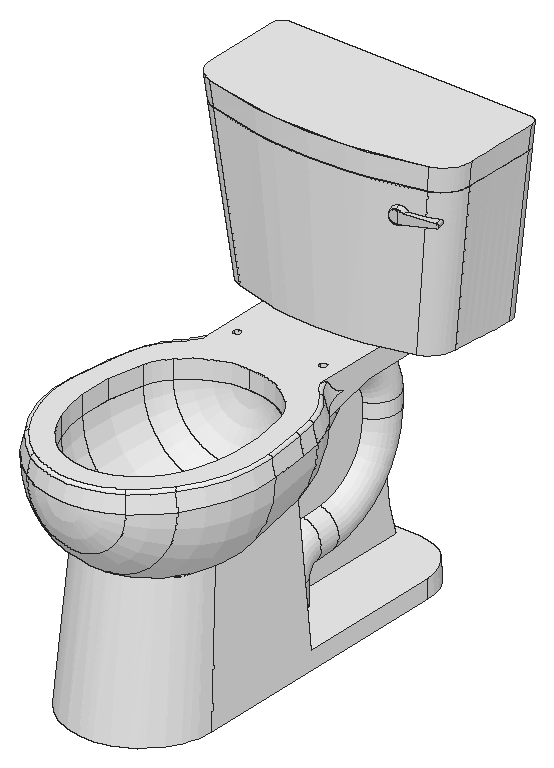
Revit family "Plumbing-Pressure-Assist-Water-Closet-Sloan-Valve-WETS-80298113_", category Plumbing Fixtures, host Face, Revit 2019 (continued)
Automatic sketch dimensions
  Masking region 2 sketch curve to Masking region 2 sketch curve = 3/4"
  Masking region 2 sketch curve to Masking region 2 sketch curve = 1.02866"
  Masking region 2 sketch curve to Masking region 2 sketch curve = 2"  (x2)
  Masking region 2 sketch curve to Masking region 2 sketch curve = 2 1/4"  (x2)
  Masking region 2 sketch curve to Masking region 2 sketch curve = 2.79716"
  Masking region 2 sketch curve to Masking region 2 sketch curve = 0.52667"  (x2)
  Masking region 2 sketch curve to Masking region 2 sketch curve = 1.24583"
  Masking region 2 sketch curve to Masking region 2 sketch curve = 1.55117"  (x2)
  Masking region 2 sketch curve to Masking region 2 sketch curve = 1.66402"
  Masking region 2 sketch curve to Masking region 2 sketch curve = 0.70915"  (x2)
  Masking region 2 sketch curve to Masking region 2 sketch curve = 2.22418"  (x2)
  Masking region 2 sketch curve to Masking region 2 sketch curve = 0.38996"  (x2)
  Masking region 2 sketch curve to Masking region 2 sketch curve = 3.913"
  Masking region 2 sketch curve to Masking region 2 sketch curve = 4.50109"  (x2)
  Masking region 2 sketch curve to Masking region 2 sketch curve = 2.37129"  (x2)
  Masking region 2 sketch curve to Masking region 2 sketch curve = 2.31605"  (x2)
  Masking region 2 sketch curve to Masking region 2 sketch curve = 2.56575"  (x2)
  Masking region 2 sketch curve to Masking region 2 sketch curve = 5 33/128"
  Masking region 2 sketch curve to Masking region 2 sketch curve = 5.26793"
  Masking region 2 sketch curve to Masking region 2 sketch curve = 0.29604"  (x2)
  Masking region 2 sketch curve to Masking region 2 sketch curve = 17.12237"
  Masking region 2 sketch curve to Masking region 2 sketch curve = 8 3/8"
  Masking region 2 sketch curve to Masking region 2 sketch curve = 9 3/4"
  Masking region 2 sketch curve to Masking region 2 sketch curve = 3.22134"
  Masking region 2 sketch curve to Masking region 2 sketch curve = 1 1/4"
  Masking region 2 sketch curve to Masking region 2 sketch curve = 18.90159"
  Masking region 2 sketch curve to Masking region 2 sketch curve = 19.0791"
  Extrusion 19 sketch curve to Extrusion 19 sketch curve = 2.41998"
  Extrusion 19 sketch curve to Extrusion 19 sketch curve = 0.01099"
  Extrusion 19 sketch curve to Extrusion 19 sketch curve = 0.0192"
  Extrusion 19 sketch curve to Extrusion 19 sketch curve = 0.29949"
  Extrusion 19 sketch curve to Extrusion 19 sketch curve = 0.15636"
  Extrusion 19 sketch curve to Extrusion 19 sketch curve = 0.78299"
  Revolve 20 sketch curve to Revolve 20 sketch curve = 0.48262"
  Revolve 20 sketch curve to Revolve 20 sketch curve = 1/2"
  Revolve 20 sketch curve to Revolve 20 sketch curve = 0.15681"
  Revolve 20 sketch curve to Revolve 20 sketch curve = 0.02676"
  Revolve 20 sketch curve to Revolve 20 sketch curve = 0.66246"
  Revolve 20 sketch curve to Revolve 20 sketch curve = 0"  (x2)
  Revolve 20 sketch curve to Revolve 20 sketch curve = 0.11261"
  plane 7 to Sweep 3 sketch curve = 16.44118"
  plane 7 to Sweep 3 sketch curve = 11 1/4"
  Sweep 3 sketch curve to Sweep 3 sketch curve = 1.57944"
  Sweep 3 sketch curve to Sweep 3 sketch curve = 1.22254"
  Sweep 3 sketch curve to Sweep 3 sketch curve = 1.50376"
  Sweep 3 sketch curve to Sweep 3 sketch curve = 2.37343"
  Sweep 3 sketch curve to Sweep 3 sketch curve = 3"
  Sweep 3 sketch curve to Sweep 3 sketch curve = 0.23912"
  Sweep 3 sketch curve to Sweep 3 sketch curve = 2.19457"
  Sweep 3 sketch curve to Sweep 3 sketch curve = 1.02691"
  Sweep 3 sketch curve to Sweep 3 sketch curve = 6.01869"
  Sweep 3 sketch curve to Sweep 3 sketch curve = 5.81653"
  Sweep 3 sketch curve to Sweep 3 sketch curve = 0.44425"
  Sweep 3 sketch curve to Sweep 3 sketch curve = 0"
  Sweep 3 sketch curve to Sweep 3 sketch curve = 1.66667"
  Sweep 3 sketch curve to Sweep 3 sketch curve = 0.07881"
  Sweep 3 sketch curve to Sweep 3 sketch curve = 2.69248"
  Extrusion 21 sketch curve to plane 7 = 0"
  plane 7 to Extrusion 21 sketch curve = 8.60354"
  Extrusion 21 sketch curve to Extrusion 21 sketch curve = 1.97878"
  plane 11 to Blend 22 sketch curve = 23 1/2"
  Blend 22 sketch curve to Blend 22 sketch curve = 3 1/2"  (x2)
  Blend 22 sketch curve to Blend 22 sketch curve = 4 7/8"
  Blend 22 sketch curve to Blend 22 sketch curve = 2 3/4"
  plane 11 to Blend 22 sketch curve = 4 67/128"
  plane 11 to Blend 22 sketch curve = 22.25397"
  plane 11 to Blend 22 sketch curve = 1 3/128"
  Blend 22 sketch curve to Blend 22 sketch curve = 4 5/16"
  Blend 22 sketch curve to Blend 22 sketch curve = 1 5/8"
  plane 11 to Extrusion 23 sketch curve = 13.77953"
  Extrusion 23 sketch curve to Extrusion 23 sketch curve = 5.00662"
  Extrusion 23 sketch curve to Extrusion 23 sketch curve = 1.37144"
  Extrusion 23 sketch curve to Extrusion 23 sketch curve = 0.83072"
  plane 11 to Extrusion 23 sketch curve = 2.01421"
  plane 11 to Extrusion 23 sketch curve = 1.80632"
  Extrusion 23 sketch curve to Extrusion 23 sketch curve = 1.24829"
  Extrusion 23 sketch curve to Extrusion 23 sketch curve = 2.7937"
  Sweep 24 sketch curve to profile plane = 0"  (x2)
  plane 11 to Extrusion 25 sketch curve = 25.07129"
  Extrusion 25 sketch curve to Extrusion 25 sketch curve = 6.25633"
  Extrusion 25 sketch curve to Extrusion 25 sketch curve = 0.63587"
  Extrusion 25 sketch curve to Extrusion 25 sketch curve = 7.2727"
  Extrusion 25 sketch curve to Extrusion 25 sketch curve = 1.99428"
  Extrusion 25 sketch curve to Extrusion 25 sketch curve = 1.03117"
  plane 11 to Extrusion 25 sketch curve = 1.54092"
  plane 11 to Extrusion 25 sketch curve = 1.93503"
  Extrusion 25 sketch curve to plane 11 = 12.09356"
  Extrusion 25 sketch curve to Extrusion 25 sketch curve = 5.1955"
  Extrusion 25 sketch curve to Extrusion 25 sketch curve = 7.268"
  Extrusion 25 sketch curve to Extrusion 25 sketch curve = 4 19/256"
  Extrusion 25 sketch curve to Extrusion 25 sketch curve = 4.71404"
  Extrusion 25 sketch curve to Extrusion 25 sketch curve = 3.46658"
  Extrusion 25 sketch curve to Extrusion 25 sketch curve = 0.2571"
  Extrusion 25 sketch curve to Extrusion 25 sketch curve = 0"
  plane 8 to Blend 26 sketch curve = 0.21467"
  plane 8 to Blend 26 sketch curve = 0.58558"
  plane 11 to Blend 26 sketch curve = 5/16"
  plane 8 to Blend 26 sketch curve = 0.96182"
  Blend 26 sketch curve to Blend 26 sketch curve = 1.99239"
  plane 8 to Blend 26 sketch curve = 7 15/16"
  plane 9 to Blend 26 sketch curve = 2.57797"
  plane 9 to Blend 26 sketch curve = 0.96182"
  plane 9 to Blend 26 sketch curve = 0.58558"
  plane 9 to Blend 26 sketch curve = 0.21467"
  Blend 26 sketch curve to Blend 26 sketch curve = 3/4"  (x3)
  Blend 26 sketch curve to Blend 26 sketch curve = 4.13053"  (x2)
  Blend 26 sketch curve to Blend 26 sketch curve = 0.17431"  (x2)
  Blend 26 sketch curve to plane 11 = 9.28691"
  Blend 26 sketch curve to Blend 26 sketch curve = 0"  (x2)
  plane 11 to Blend 26 sketch curve = 0"
  plane 11 to Blend 26 sketch curve = 6 1/128"  (x2)
  Blend 26 sketch curve to Blend 26 sketch curve = 2"
  Blend 26 sketch curve to Blend 26 sketch curve = 8 3/8"
  Blend 26 sketch curve to Blend 26 sketch curve = 14 1/4"
  plane 11 to Blend 26 sketch curve = 3/4"
  Blend 26 sketch curve to Blend 26 sketch curve = 1 1/4"
  Blend 26 sketch curve to plane 11 = 19.0791"
  plane 11 to Revolve 27 sketch curve = 18.41431"
  Revolve 27 sketch curve to Revolve 27 sketch curve = 0.38226"
  Revolve 27 sketch curve to Revolve 27 sketch curve = 213/256"
  Revolve 27 sketch curve to Revolve 27 sketch curve = 0"  (x10)
  Revolve 27 sketch curve to Revolve 27 sketch curve = 1.55117"
  Revolve 27 sketch curve to Revolve 27 sketch curve = 0.52667"
  Revolve 27 sketch curve to Revolve 27 sketch curve = 1.06316"
  Revolve 27 sketch curve to Revolve 27 sketch curve = 0.55817"
  Revolve 27 sketch curve to Revolve 27 sketch curve = 4.78572"
  Revolve 27 sketch curve to Revolve 27 sketch curve = 17.76248"
  Revolve 27 sketch curve to Revolve 27 sketch curve = 1.12242"
  Revolve 27 sketch curve to Revolve 27 sketch curve = 1.54616"
  Revolve 27 sketch curve to Revolve 27 sketch curve = 1.91616"
  Revolve 27 sketch curve to Revolve 27 sketch curve = 0.22012"
  Revolve 27 sketch curve to Revolve 27 sketch curve = 0.002"
  Revolve 27 sketch curve to Revolve 27 sketch curve = 0.38996"
  Revolve 27 sketch curve to Revolve 27 sketch curve = 2.4971"
  Revolve 27 sketch curve to Revolve 27 sketch curve = 1.76271"
  Revolve 27 sketch curve to Revolve 27 sketch curve = 0.46147"
  Revolve 27 sketch curve to Revolve 27 sketch curve = 1.76813"
  Revolve 27 sketch curve to Revolve 27 sketch curve = 2.37097"
  Revolve 27 sketch curve to Revolve 27 sketch curve = 1.94676"
  Revolve 27 sketch curve to Revolve 27 sketch curve = 0.65231"
  Revolve 27 sketch curve to Revolve 27 sketch curve = 3.62883"
  Revolve 27 sketch curve to Revolve 27 sketch curve = 2.41279"
  Revolve 27 sketch curve to Revolve 27 sketch curve = 0.18389"
  Revolve 27 sketch curve to Revolve 27 sketch curve = 1/2"
  Extrusion 28 sketch curve to Extrusion 28 sketch curve = 0.67182"
  Extrusion 28 sketch curve to Extrusion 28 sketch curve = 1.77234"
  Extrusion 28 sketch curve to Extrusion 28 sketch curve = 1.545"  (x2)
  Extrusion 28 sketch curve to Extrusion 28 sketch curve = 93/128"
  Extrusion 28 sketch curve to Extrusion 28 sketch curve = 0.40828"
  Extrusion 28 sketch curve to Extrusion 28 sketch curve = 2.54228"
  Extrusion 28 sketch curve to Extrusion 28 sketch curve = 2.74948"
  Blend 29 sketch curve to Blend 29 sketch curve = 0.99706"
  Blend 29 sketch curve to Blend 29 sketch curve = 0.24541"
  Blend 29 sketch curve to Blend 29 sketch curve = 1 13/16"
  Blend 29 sketch curve to Blend 29 sketch curve = 0.37271"
  Blend 30 sketch curve to Blend 30 sketch curve = 1 13/16"  (x2)
  Blend 30 sketch curve to Blend 30 sketch curve = 0.37271"
  Blend 30 sketch curve to Blend 30 sketch curve = 1.15396"
  plane 11 to Sweep 31 sketch curve = 26.57715"
  Sweep 31 sketch curve to Sweep 31 sketch curve = 9.12902"
  Sweep 31 sketch curve to Sweep 31 sketch curve = 0.84594"
  Sweep 31 sketch curve to Sweep 31 sketch curve = 3.46596"
  Sweep 31 sketch curve to Sweep 31 sketch curve = 1.9345"
  Sweep 31 sketch curve to Sweep 31 sketch curve = 0.18533"
  Sweep 31 sketch curve to Sweep 31 sketch curve = 1.3913"
  Sweep 31 sketch curve to Sweep 31 sketch curve = 1.1687"
  Sweep 31 sketch curve to Sweep 31 sketch curve = 3.42714"
  Sweep 31 sketch curve to Sweep 31 sketch curve = 1.86098"
  Sweep 31 sketch curve to Sweep 31 sketch curve = 1.34254"
  Sweep 31 sketch curve to Sweep 31 sketch curve = 1.96082"
  Sweep 31 sketch curve to Sweep 31 sketch curve = 0"  (x3)
  Sweep 31 sketch curve to Sweep 31 sketch curve = 2.59819"
  Sweep 31 sketch curve to profile plane = 0"
  Sweep 31 sketch curve to profile plane = 0.99706"  (x2)
  Sweep 32 sketch curve to Sweep 32 sketch curve = 0"  (x12)
  Sweep 32 sketch curve to plane 10 = 0"  (x4)
  plane 10 to Sweep 32 sketch curve = 5.70094"  (x2)
  plane 11 to Sweep 32 sketch curve = 10.88962"
  Sweep 32 sketch curve to Sweep 32 sketch curve = 18.15103"  (x2)
  Sweep 32 sketch curve to Sweep 32 sketch curve = 4"  (x2)
  Sweep 32 sketch curve to Sweep 32 sketch curve = 2.01849"
  Sweep 32 sketch curve to Sweep 32 sketch curve = 0.52667"  (x2)
  Sweep 32 sketch curve to Sweep 32 sketch curve = 1.24583"
  Sweep 32 sketch curve to Sweep 32 sketch curve = 1.55117"  (x2)
  Sweep 32 sketch curve to Sweep 32 sketch curve = 1.66402"
  Sweep 32 sketch curve to Sweep 32 sketch curve = 3.26432"
  plane 10 to Sweep 32 sketch curve = 4.99179"
  Sweep 32 sketch curve to Sweep 32 sketch curve = 2.22418"
  Sweep 32 sketch curve to Sweep 32 sketch curve = 0.38996"  (x2)
  Sweep 32 sketch curve to Sweep 32 sketch curve = 3.913"
  Sweep 32 sketch curve to Sweep 32 sketch curve = 6.87238"
  Sweep 32 sketch curve to Sweep 32 sketch curve = 5.26793"
  Sweep 32 sketch curve to Sweep 32 sketch curve = 0.29604"  (x2)
  Sweep 32 sketch curve to Sweep 32 sketch curve = 4.31887"  (x2)
  Sweep 32 sketch curve to profile plane = 0"
  Sweep 32 sketch curve to profile plane = 0.25828"
  Sweep 32 sketch curve to Sweep 32 sketch curve = 0.24359"
  Sweep 32 sketch curve to profile plane = 0.71616"
  profile plane to Sweep 32 sketch curve = 14 3/16"
  Sweep 32 sketch curve to Sweep 32 sketch curve = 1 1/16"
  Sweep 32 sketch curve to Sweep 32 sketch curve = 0.05624"
  Extrusion 33 sketch curve to Extrusion 33 sketch curve = 0"  (x20)
  plane 11 to Extrusion 33 sketch curve = 21.08289"
  Extrusion 33 sketch curve to Extrusion 33 sketch curve = 4.78572"  (x2)
  Extrusion 33 sketch curve to Extrusion 33 sketch curve = 0.55817"  (x2)
  Extrusion 33 sketch curve to Extrusion 33 sketch curve = 1.92673"  (x2)
  Extrusion 33 sketch curve to Extrusion 33 sketch curve = 3.141"
  Extrusion 33 sketch curve to Extrusion 33 sketch curve = 1.21427"  (x2)
  Extrusion 33 sketch curve to Extrusion 33 sketch curve = 0.37"  (x2)
  Extrusion 33 sketch curve to Extrusion 33 sketch curve = 0.22012"  (x2)
  Extrusion 33 sketch curve to Extrusion 33 sketch curve = 2.15467"
  Extrusion 33 sketch curve to Extrusion 33 sketch curve = 2.13627"
  Extrusion 33 sketch curve to Extrusion 33 sketch curve = 1.12242"  (x2)
  Extrusion 33 sketch curve to Extrusion 33 sketch curve = 1.58443"
  Extrusion 33 sketch curve to Extrusion 33 sketch curve = 1.57431"  (x2)
  Extrusion 34 sketch curve to Extrusion 34 sketch curve = 0"  (x15)
  plane 11 to Extrusion 34 sketch curve = 23.57999"  (x2)
  plane 11 to Extrusion 34 sketch curve = 10.88962"
  Extrusion 34 sketch curve to Extrusion 34 sketch curve = 18.15103"  (x2)
  Extrusion 34 sketch curve to Extrusion 34 sketch curve = 4"  (x2)
  Extrusion 34 sketch curve to Extrusion 34 sketch curve = 2.01849"
  Extrusion 34 sketch curve to Extrusion 34 sketch curve = 0.52667"  (x2)
  Extrusion 34 sketch curve to Extrusion 34 sketch curve = 1.24583"
  Extrusion 34 sketch curve to Extrusion 34 sketch curve = 1.55117"  (x2)
  Extrusion 34 sketch curve to Extrusion 34 sketch curve = 1.66402"
  Extrusion 34 sketch curve to Extrusion 34 sketch curve = 3.26432"
  Extrusion 34 sketch curve to Extrusion 34 sketch curve = 13.39952"
  Extrusion 34 sketch curve to Extrusion 34 sketch curve = 2.22418"  (x2)
  Extrusion 34 sketch curve to Extrusion 34 sketch curve = 0.38996"  (x2)
  Extrusion 34 sketch curve to Extrusion 34 sketch curve = 3.913"
  Extrusion 34 sketch curve to Extrusion 34 sketch curve = 3.98247"
  Extrusion 34 sketch curve to Extrusion 34 sketch curve = 0.39147"  (x2)
  Extrusion 34 sketch curve to Extrusion 34 sketch curve = 2.49844"
  Extrusion 34 sketch curve to Extrusion 34 sketch curve = 4.55398"
  Extrusion 34 sketch curve to Extrusion 34 sketch curve = 0.28975"  (x2)
  plane 11 to Extrusion 35 sketch curve = 15 3/4"
  Extrusion 35 sketch curve to Extrusion 35 sketch curve = 1.03091"
  Extrusion 35 sketch curve to plane 11 = 0.34835"
  Extrusion 35 sketch curve to Extrusion 35 sketch curve = 14.74266"
  plane 11 to Revolve 36 sketch curve = 18.41431"
  Revolve 36 sketch curve to Revolve 36 sketch curve = 1.21427"
  Revolve 36 sketch curve to Revolve 36 sketch curve = 3.141"
  Revolve 36 sketch curve to Revolve 36 sketch curve = 0.55817"
  Revolve 36 sketch curve to Revolve 36 sketch curve = 4.78572"
  Revolve 36 sketch curve to Revolve 36 sketch curve = 1.12242"
  Revolve 36 sketch curve to Revolve 36 sketch curve = 1.54616"
  Revolve 36 sketch curve to Revolve 36 sketch curve = 1.91616"
  Revolve 36 sketch curve to Revolve 36 sketch curve = 0.22012"
  Revolve 36 sketch curve to Revolve 36 sketch curve = 2.15467"
  Revolve 36 sketch curve to Revolve 36 sketch curve = 4.85057"
  Revolve 36 sketch curve to Revolve 36 sketch curve = 4.53114"
  Revolve 36 sketch curve to Revolve 36 sketch curve = 0"  (x5)
  Revolve 36 sketch curve to Revolve 36 sketch curve = 2.34667"
  Revolve 36 sketch curve to Revolve 36 sketch curve = 1/2"
  plane 11 to Extrusion 37 sketch curve = 11 3/8"
  Extrusion 37 sketch curve to Extrusion 37 sketch curve = 6"
  Extrusion 37 sketch curve to Extrusion 37 sketch curve = 0"
  Extrusion 38 sketch curve to Extrusion 38 sketch curve = 0"  (x17)
  plane 11 to Extrusion 38 sketch curve = 0"
  plane 11 to Extrusion 38 sketch curve = 6 1/128"  (x2)
  Extrusion 38 sketch curve to Extrusion 38 sketch curve = 1/4"
  Extrusion 38 sketch curve to Extrusion 38 sketch curve = 1/2"
  Extrusion 38 sketch curve to Extrusion 38 sketch curve = 1 3/4"  (x2)
  Extrusion 38 sketch curve to Extrusion 38 sketch curve = 8 3/8"
  Extrusion 38 sketch curve to Extrusion 38 sketch curve = 14 1/4"
  Extrusion 38 sketch curve to Extrusion 38 sketch curve = 1 1/4"
  Extrusion 38 sketch curve to plane 11 = 19.0791"
  Extrusion 39 sketch curve to Extrusion 39 sketch curve = 2.41998"
  Extrusion 39 sketch curve to Extrusion 39 sketch curve = 0.01099"
  Extrusion 39 sketch curve to Extrusion 39 sketch curve = 0.0192"
  Extrusion 39 sketch curve to Extrusion 39 sketch curve = 0.29949"
  Extrusion 39 sketch curve to Extrusion 39 sketch curve = 0.15636"
  Extrusion 39 sketch curve to Extrusion 39 sketch curve = 0.78299"
  Revolve 40 sketch curve to Revolve 40 sketch curve = 0.48262"
  Revolve 40 sketch curve to Revolve 40 sketch curve = 1/2"
  Revolve 40 sketch curve to Revolve 40 sketch curve = 0.15681"
  Revolve 40 sketch curve to Revolve 40 sketch curve = 0.02676"
  Revolve 40 sketch curve to Revolve 40 sketch curve = 0.66246"
  Revolve 40 sketch curve to Revolve 40 sketch curve = 0"  (x2)
  Revolve 40 sketch curve to Revolve 40 sketch curve = 0.11261"
  plane 11 to Sweep 24 sketch curve = 16.44118"
  plane 11 to Sweep 24 sketch curve = 11 1/4"
  Sweep 24 sketch curve to Sweep 24 sketch curve = 1.57944"
  Sweep 24 sketch curve to Sweep 24 sketch curve = 1.22254"
  Sweep 24 sketch curve to Sweep 24 sketch curve = 1.50376"
  Sweep 24 sketch curve to Sweep 24 sketch curve = 2.37343"
  Sweep 24 sketch curve to Sweep 24 sketch curve = 3"
  Sweep 24 sketch curve to Sweep 24 sketch curve = 0.23912"
  Sweep 24 sketch curve to Sweep 24 sketch curve = 2.19457"
  Sweep 24 sketch curve to Sweep 24 sketch curve = 1.02691"
  Sweep 24 sketch curve to Sweep 24 sketch curve = 6.01869"
  Sweep 24 sketch curve to Sweep 24 sketch curve = 5.81653"
  Sweep 24 sketch curve to Sweep 24 sketch curve = 0.44425"
  Sweep 24 sketch curve to Sweep 24 sketch curve = 0"
  Sweep 24 sketch curve to Sweep 24 sketch curve = 1.66667"
  Sweep 24 sketch curve to Sweep 24 sketch curve = 0.07881"
  Sweep 24 sketch curve to Sweep 24 sketch curve = 2.69248"
  Extrusion 41 sketch curve to plane 11 = 0"
  plane 11 to Extrusion 41 sketch curve = 8.60354"
  Extrusion 41 sketch curve to Extrusion 41 sketch curve = 1.97878"
  radius of Sweep 3 sketch curve = 1 1/2"
  radius of Extrusion 5 sketch curve = 1/4"
  radius of Extrusion 17 sketch curve = 1/4"  (x2)
  radius of Sweep 24 sketch curve = 1 1/2"
  radius of Extrusion 37 sketch curve = 1/4"  (x2)
Connectors
  piping at (-152.4, 0, 254), diameter 12.7, driven by "Cold Water Connection Diameter", driven by "CWFU", driven by "Valve Pressure Drop", driven by "Cold Water Connector Description"
    settings: on Extrusion 5, index 1, connector inside diameter 24", connector length 0", flow factor 0, pipe flow 0 GPM, pressure drop 0.00 psi, fitting loss kfactor 0, connector angle 0.00°, fixture units 10, engagement length 0", angle of deflection 0.00°, flow configuration 3, flow direction 1, fitting loss method 4, system type 20, joint type 0, gender type 0, connector reference index -1, connector utility 0, adjustable connector no, is connector primary yes, connector description "Cold Water Connector d1/2\""
  piping at (0, -304.8, 0), diameter 53.975, driven by "Sanitary Drain Connection Diameter", driven by "WFU", driven by "Sanitary Drain Connector Description"
    settings: on Sweep 3, index 2, connector inside diameter 24", connector length 0", flow factor 0, pipe flow 0 GPM, pressure drop 0.00 psi, fitting loss kfactor 0, connector angle 0.00°, fixture units 10, engagement length 0", angle of deflection 0.00°, flow configuration 3, flow direction 2, fitting loss method 0, system type 16, joint type 0, gender type 0, connector reference index -1, connector utility 0, adjustable connector no, is connector primary no, connector description "Sanitary Drain Connector d2 1/8\""
Types (4): name | Product Material | Part Number | Model | Description
  (no name) | Sloan Valve - Vitreous China - White | "WETS-8029.8113" | "WETS-8029.8113" | "Floor-Mounted 1.6 gpf (6.0 Lpf) ADA 12\" Rough-in Pressure-Assisted/Tank Toilet."
  WETS-8029.8113 | Sloan Valve - Vitreous China - White | "WETS-8029.8113" | "WETS-8029.8113" | "Floor-Mounted 1.6 gpf (6.0 Lpf) ADA 12\" Rough-in Pressure-Assisted/Tank Toilet."
  WETS-8029.8113-BAA | Sloan Valve - Vitreous China - White | "80298113" | "WETS-8029.8113-BAA" | "Floor-Mounted 1.6 gpf (6.0 Lpf) ADA 12\" Rough-in Pressure-Assisted/Tank Toilet."
  WETS-8029.8113-STG | Sloan Valve - Vitreous China - SloanTec Glaze White | "WETS-8029.8113-STG" | "WETS-8029.8113-STG" | "Floor-Mounted 1.6 gpf (6.0 Lpf) ADA 12\" Rough-in Pressure-Assisted/Tank Toilet with SloanTec® Glaze."
